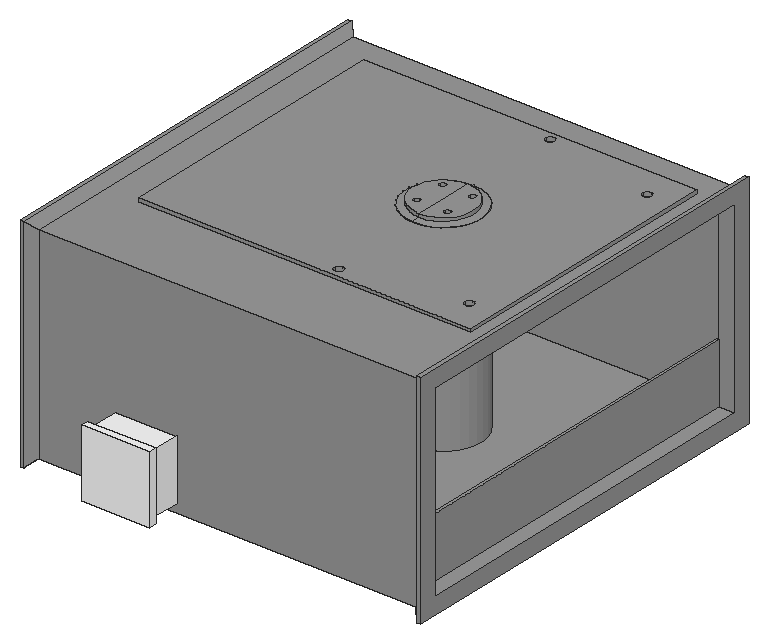
Revit family "RKB 500X250 A1 EC_7470042", category Mechanical Equipment, Revit 2014
Parameters (values of type "RKB 500X250 A1 EC")
  Wiring diagram = "4040143"
  Width = 532 mm
  Weight = 13.80 kg
  Voltage range = "200-240 V"
  Voltage = 230 V
  Speed = "3080 rpm"
  Sound pressure level at 3 m = "59 dB(A)"
  Power = 162 W
  Phase = 1
  Max. temperature of transported air when speed controlled = 60 °C
  Max. temperature of transported air = 60 °C
  Main Material = Steel, Galvanized
  Height = 293 mm
  Frequency = 50 Hz
  Elevation [instance] = 2600 mm
  Description = "UNINSULATED DUCT FANS WITH RECTANGULAR CONNECTIONS"
  Depth = 543 mm
  Current = 1.24 A
  Connector Height = 250 mm
  Connector Width = 500 mm
  Capacitor = "- μF"
Reference planes
  plane 1 "Center (Front/Back)": y = 0
  plane 2: z = 0
  plane 3 "Center (Left/Right)": x = 0
  plane 4: x = -266
  plane 5: x = 266
  plane 6: y = 271.5
  plane 7: y = -271.5
  plane 8: z = 2600
  plane 9: z = 2893
Dimensions and locks
  equal spacing: plane 4, plane 3 "Center (Left/Right)", plane 5
  "Width": plane 4 to plane 5
  equal spacing: plane 6, plane 1 "Center (Front/Back)", plane 7
  "Depth": plane 6 to plane 7
  "Elevation": plane 8 to level
  "Height": plane 9 to plane 8
  aligned and locked: level to plane 2
  aligned and locked: nested 1 to plane 1 "Center (Front/Back)"
  aligned and locked: plane 1 "Center (Front/Back)" to nested 2
  aligned and locked: plane 3 "Center (Left/Right)" to nested 2
  aligned and locked: nested 2 to plane 8
  aligned and locked: plane 3 "Center (Left/Right)" to nested 1
Nested families
  nested 1: "Flow direction symbol" at (0, 0, 0), type "Flow direction symbol"
  nested 2: "RKB" at (0, 0, 2600), type "RKB"
Connectors
  hvac at (-266, 0, 2746.5), driven by "Connector Height", driven by "Connector Width"
    settings: on nested 2, index 1, duct flow 0.0 L/s, flow factor 0, pres drop 0.0 Pa, loss coef 0, conn angle 0.00°, conn width 500 mm, conn height 250 mm, conn diameter 609.6 mm, duct sys type 1, conn prof type 1, flow config 0, flow direction 1, loss method 0, conn ref index -1, conn util no, is conn primary yes, conn desc ""
  hvac at (266, 0, 2746.5), driven by "Connector Height", driven by "Connector Width"
    settings: on nested 2, index 2, duct flow 0.0 L/s, flow factor 0, pres drop 0.0 Pa, loss coef 0, conn angle 0.00°, conn width 500 mm, conn height 250 mm, conn diameter 609.6 mm, duct sys type 3, conn prof type 1, flow config 0, flow direction 2, loss method 0, conn ref index -1, conn util no, is conn primary no, conn desc ""
  electrical at (-107.218, -311, 2661.5), driven by "Phase", driven by "Voltage", driven by "Power"
    settings: on nested 2, index 3, voltage 230 V, apparent load 0 VA, apparent load phase1 162 VA, apparent load phase2 0 VA, apparent load phase3 0 VA, power factor 1, load classification "HVAC", number of poles 1, system type 31, power factor state 1, is connector primary yes, connector utility no, sub classification motor no, connector description ""
Definition of nested family "RKB"
  Parameters (values of type "RKB")
    Width = 532 mm
    Main Material = Steel, Galvanized
    Height = 293 mm
    Description = ""
    Depth = 543 mm
    Connector Width = 500 mm
    Connector Heigth = 250 mm
  Reference planes
    plane 1 "Center (Front/Back)": y = 0
    plane 2: z = 0
    plane 3 "Center (Left/Right)": x = 0
    plane 4: x = -266
    plane 5: x = 266
    plane 6: y = 271.5
    plane 7: y = -271.5
    plane 8: z = 293
    plane 9: z = 119
    plane 10: x = 79.138
    plane 11: x = -107.218
    plane 12: z = 146.5
    plane 13: z = 271.5
    plane 14: z = 21.5
    plane 15: y = 250
    plane 16: y = -250
    plane 17: z = 61.5
    plane 18: x = 47.993
    plane 19: y = 24.017
    plane 20: y = 37.918
  Forms (mm)
    Sweep 1, solid, material "Steel, Galvanized" <- "Main Material", detail levels medium+fine
      path origin (-266, 864.407, 1200) x (0, 1, 0) y (0, 0, 1)
        loop
          line (-592.907, -1200) -> (-592.907, -907) -> (-1135.907, -907) -> (-1135.907, -1200) -> (-592.907, -1200)
      profile origin (-266, 271.5, 146.5) x (0, -1, 0) y (1, 0, 0)
        loop
          line (22.203, 21.231) -> (16.231, 21.231) -> (0, 5) -> (0, 0) -> (22.203, 0) -> (22.203, 21.231)
    Sweep 2, solid, material "Steel, Galvanized" <- "Main Material", detail levels medium+fine
      path origin (266, 864.407, 1200) x (0, 1, 0) y (0, 0, 1)
        loop
          line (-592.907, -1200) -> (-592.907, -907) -> (-1135.907, -907) -> (-1135.907, -1200) -> (-592.907, -1200)
      profile origin (266, 271.5, 146.5) x (0, -1, 0) y (1, 0, 0)
        loop
          line (22.203, -21.231) -> (22.203, 0) -> (0, 0) -> (0, -5) -> (16.231, -21.231) -> (22.203, -21.231)
    Sweep 3, solid, material "Steel, Galvanized" <- "Main Material", detail levels medium+fine
      path origin (0, 0, 0) x (1, 0, 0) y (0, 1, 0)
        loop
          line (-266, 0) -> (266, 0)
      profile origin (0, 0, 0) x (0, 1, 0) y (0, 0, 1)
        loop
          line (250, 271.5) -> (-250, 271.5) -> (-250, 21.5) -> (250, 21.5) -> (250, 271.5)
        loop
          line (-261, 282.5) -> (-261, 10.5) -> (261, 10.5) -> (261, 282.5) -> (-261, 282.5)
    Revolve 4, solid, material "Steel, Galvanized" <- "Main Material", detail levels medium+fine
      sketch origin (47.993, 22.597, 1201.555) x (0, -1, 0) y (0, 0, 1)
        loop
          line (-15.321, -1182.297) -> (-15.321, -908.555) -> (-55.321, -908.555) -> (-55.321, -912.865) -> (-65.321, -914.421) -> (-65.321, -1182.297) -> (-15.321, -1182.297)
        axis (-15.321, -908.555) -> (-15.321, -1182.297)
      angle from 0 to 360
    Sweep 5, void
      path origin (43.109, 35, 1200) x (-1, 0, 0) y (0, 0, 1)
        loop
          line (-0.106, -929.203) -> (-0.106, -879.203)
      profile origin (43.215, 35, 295.797) x (1, 0, 0) y (0, 1, 0)
        loop
          circle (25.89, 25.208) r 4
        loop
          circle (-14.107, 25.208) r 4
        loop
          circle (25.893, -16.441) r 4
        loop
          circle (-14.443, -16.782) r 4
        loop
          circle (158.469, 149.533) r 6
        loop
          circle (7.268, 177.488) r 6
        loop
          circle (158.469, -145.24) r 6
        loop
          circle (7.268, -173.196) r 6
    Sweep 6, solid, material "Steel, Galvanized" <- "Main Material", detail levels coarse
      path origin (0, 0, 0) x (1, 0, 0) y (0, 1, 0)
        loop
          line (-266, 0) -> (266, 0)
      profile origin (0, 0, 0) x (0, 1, 0) y (0, 0, 1)
        loop
          line (271.5, 293) -> (-271.5, 293) -> (-271.5, 0) -> (271.5, 0) -> (271.5, 293)
    Sweep 7, solid, material "Steel, Galvanized" <- "Main Material", detail levels medium+fine
      path origin (0, 0, 0) x (0, 1, 0) y (0, 0, 1)
        loop
          line (249.297, 22.203) -> (249.297, 102.203)
      profile origin (0, 249.297, 62.203) x (0, -1, 0) y (1, 0, 0)
        loop
          line (0, -244.769) -> (498.595, -244.769) -> (498.595, -241.769) -> (0, -241.769) -> (0, -244.769)
        loop
          line (0, 244.769) -> (0, 241.769) -> (498.595, 241.769) -> (498.595, 244.769) -> (0, 244.769)
    Sweep 8, solid, material "Plastic", detail levels medium+fine
      path origin (0, -5.731, -156.959) x (1, 0, 0) y (0, 1, 0)
        loop
          line (-107.218, -255.269) -> (-107.218, -295.269)
      profile origin (-107.218, -281, -156.959) x (1, 0, 0) y (0, 0, 1)
        loop
          line (-40, 178.459) -> (40, 178.459) -> (40, 258.459) -> (-40, 258.459) -> (-40, 178.459)
    Sweep 9, solid, material "Plastic", detail levels medium+fine
      path origin (0, -5.731, 0) x (1, 0, 0) y (0, 1, 0)
        loop
          line (-107.218, -295.269) -> (-107.218, -305.269)
      profile origin (-107.218, -306, 0) x (1, 0, 0) y (0, 0, 1)
        loop
          line (-45, 106.5) -> (-45, 16.5) -> (45, 16.5) -> (45, 106.5) -> (-45, 106.5)
    Extrusion 10, solid, material "Steel, Galvanized" <- "Main Material"
      sketch origin (0, 0, 0) x (0, 1, 0) y (0, 0, 1)
        loop
          line (224.293, 282.5) -> (224.293, 287.135) -> (-150, 287.135) -> (-150, 282.5) -> (224.293, 282.5)
      from -206.109 to 234.947
  Cuts and joins
    joined: Sweep 1, Sweep 2, Sweep 3
    Sweep 5 cuts Revolve 4
    Sweep 5 cuts Extrusion 10
  Dimensions and locks
    equal spacing: plane 4, plane 3 "Center (Left/Right)", plane 5
    "Width": plane 4 to plane 5
    equal spacing: plane 6, plane 1 "Center (Front/Back)", plane 7
    "Depth": plane 6 to plane 7
    "Height": plane 8 to level
    Sweep 5 sketch curve to plane 8 to Sweep 5 sketch curve = 27.797 mm locked, 22.203 mm locked
    locked: Sweep 7 sketch curve to plane 2 at 22.203
    Sweep 7 sketch curve to Sweep 7 sketch curve = 80 mm
    locked: plane 6 to Sweep 7 sketch curve at 22.203  (x2)
    locked: plane 4 to Sweep 7 sketch curve at 21.231
    locked: Sweep 7 sketch curve to Sweep 7 sketch curve at 3  (x2)
    locked: Sweep 7 sketch curve to plane 7 at 22.203  (x2)
    locked: Sweep 7 sketch curve to plane 6 at 22.203
    locked: Sweep 7 sketch curve to plane 5 at 21.231
    Sweep 8 sketch curve to plane 7 to Sweep 8 sketch curve = 10.5 mm, 29.5 mm
    plane 7 to Sweep 9 sketch curve to Sweep 9 sketch curve = 29.5 mm, 10 mm locked
    equal spacing: plane 8, plane 12, plane 2
    "Connector Heigth": plane 13 to plane 14
    equal spacing: plane 13, plane 12, plane 14
    "Connector Width": plane 15 to plane 16
    equal spacing: plane 15, plane 1 "Center (Front/Back)", plane 16
    aligned and locked: level to plane 2
    aligned and locked: Sweep 1 sketch curve to plane 6
    aligned and locked: plane 7 to Sweep 1 sketch curve
    aligned and locked: plane 2 to Sweep 1 sketch curve
    aligned and locked: Sweep 1 sketch curve to plane 8
    aligned and locked: Sweep 2 sketch curve to plane 8
    aligned and locked: plane 2 to Sweep 2 sketch curve
    aligned and locked: plane 7 to Sweep 2 sketch curve
    aligned and locked: Sweep 2 sketch curve to plane 6
    aligned and locked: plane 1 "Center (Front/Back)" to Sweep 3 sketch curve
    aligned and locked: plane 1 "Center (Front/Back)" to Sweep 6 sketch curve
    aligned and locked: plane 2 to Sweep 6 sketch curve
    aligned and locked: plane 7 to Sweep 6 sketch curve
    aligned and locked: Sweep 6 sketch curve to plane 6
    aligned and locked: Sweep 6 sketch curve to plane 8
    aligned and locked: plane 11 to Sweep 8 sketch curve
    aligned and locked: plane 11 to Sweep 9 sketch curve
    aligned and locked: plane 14 to Sweep 3 sketch curve
    aligned and locked: plane 16 to Sweep 3 sketch curve
    aligned and locked: Sweep 3 sketch curve to plane 13
    aligned and locked: Sweep 3 sketch curve to plane 15
    aligned and locked: Sweep 8 to plane 14
  Automatic sketch dimensions
    Sweep 1 sketch curve to profile plane = 0 mm
    Sweep 1 sketch curve to plane 4 = 0 mm
    Sweep 1 sketch curve to profile plane = 16.231 mm
    Sweep 1 sketch curve to Sweep 1 sketch curve = 5.972 mm
    plane 4 to Sweep 1 sketch curve = 5 mm
    plane 4 to Sweep 1 sketch curve = 21.231 mm
    Sweep 2 sketch curve to profile plane = 0 mm
    Sweep 2 sketch curve to plane 5 = 0 mm
    Sweep 2 sketch curve to profile plane = 16.231 mm
    Sweep 2 sketch curve to Sweep 2 sketch curve = 5.972 mm
    Sweep 2 sketch curve to Sweep 2 sketch curve = 5 mm
    Sweep 2 sketch curve to Sweep 2 sketch curve = 21.231 mm
    Sweep 3 sketch curve to plane 4 = 0 mm
    Sweep 3 sketch curve to plane 5 = 0 mm
    Sweep 6 sketch curve to plane 4 = 0 mm
    Sweep 6 sketch curve to plane 5 = 0 mm
    profile plane to Sweep 8 sketch curve = 40 mm
    Sweep 8 sketch curve to profile plane = 40 mm
    level to Sweep 8 sketch curve = 21.5 mm
    Sweep 8 sketch curve to Sweep 8 sketch curve = 80 mm
    profile plane to Sweep 9 sketch curve = 45 mm
    Sweep 9 sketch curve to profile plane = 45 mm
    level to Sweep 9 sketch curve = 16.5 mm
    Sweep 9 sketch curve to Sweep 9 sketch curve = 90 mm
    plane 10 to Sweep 5 sketch curve = 35.923 mm
    plane 13 to Extrusion 10 sketch curve = 11 mm
    plane 16 to Extrusion 10 sketch curve = 100 mm
    Extrusion 10 sketch curve to plane 15 = 25.707 mm
    Extrusion 10 sketch curve to plane 8 = 5.865 mm
    level to Sweep 3 sketch curve = 10.5 mm
    Sweep 3 sketch curve to Sweep 3 sketch curve = 11 mm  (x3)
    Sweep 5 sketch curve to profile plane = 7.268 mm  (x2)
    profile plane to Sweep 5 sketch curve = 14.443 mm
    profile plane to Sweep 5 sketch curve = 14.107 mm
    Sweep 5 sketch curve to profile plane = 16.441 mm
    Sweep 5 sketch curve to Sweep 5 sketch curve = 151.201 mm  (x2)
    Sweep 5 sketch curve to profile plane = 16.782 mm
    Sweep 5 sketch curve to profile plane = 145.24 mm
    Sweep 5 sketch curve to Sweep 5 sketch curve = 27.956 mm
    profile plane to Sweep 5 sketch curve = 149.533 mm
    Sweep 5 sketch curve to Sweep 5 sketch curve = 152.28 mm
    Sweep 5 sketch curve to profile plane = 25.89 mm
    Sweep 5 sketch curve to profile plane = 25.893 mm
    profile plane to Sweep 5 sketch curve = 25.208 mm  (x2)
    Revolve 4 sketch curve to plane 8 = 0 mm
    Revolve 4 sketch curve to plane 20 = 0 mm  (x2)
    Revolve 4 sketch curve to plane 14 = 2.242 mm
    plane 20 to Revolve 4 sketch curve = 50 mm
    Revolve 4 sketch curve to plane 8 = 5.865 mm
    Revolve 4 sketch curve to Revolve 4 sketch curve = 0 mm
    plane 8 to Revolve 4 sketch curve = 6.258 mm
    Revolve 4 sketch curve to plane 8 = 4.31 mm
    Revolve 4 sketch curve to Revolve 4 sketch curve = 10 mm
    radius of Sweep 5 sketch curve = 4 mm  (x4)
    radius of Sweep 5 sketch curve = 6 mm  (x4)
Definition of nested family "Flow direction symbol"
  Parameters (values of type "Flow direction symbol")
    Warning = "!"
    Text = "DIMENSIONS OVERCONSTRAINT"
  Reference planes
    plane 1: y = 0
    plane 2: x = 0
  Lines and regions (mm)
    detail lines
      curve 1: line (-0.506, 0.877, 0) -> (-0.506, -0.877, 0)
      curve 2: line (1.012, 0, 0) -> (-0.506, -0.877, 0)
      curve 3: line (-0.506, 0.877, 0) -> (1.012, 0, 0)
      curve 4: circle (0, 0, 0) r 1 normal (0, 0, 1)
